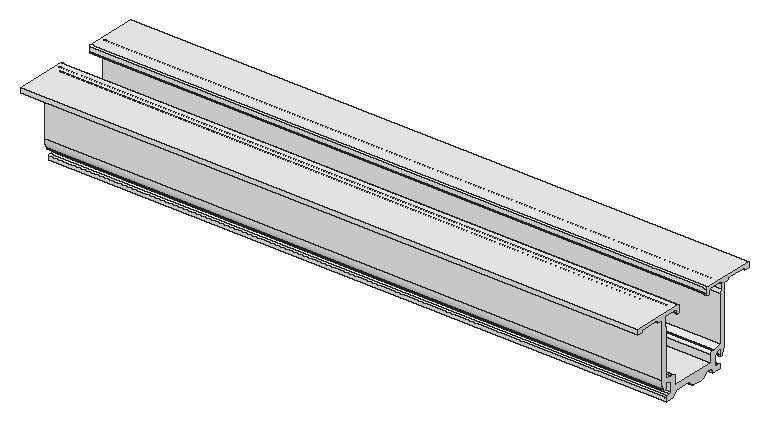
Revit family "ARKOSLIGHT_Track 3L Recessed", category Lighting Fixtures, host Face, Revit 2019
Family settings
  Host = Face
  Round Connector Dimension = Use Diameter
  Part Type = Normal
  Cut with Voids When Loaded = No
  Light Source = No
  Shared = No
  Room Calculation Point = No
Parameters (values of type "A219220XB - TRACK 3L DIM DALI XM RECESSED B")
  URL = "https://www.arkoslight.com/en/product/atrack3ld-es/"
  Model = ARKOSLIGHT_Model  # "ACCESSORIES"
  Manufacturer = "ARKOSLIGHT"  # constant formula
  Length [instance] = 250 mm
  Description = "Select the number and length of profiles suitable for the defined length"
  ARKOSLIGHT_Series = "ACCESORIOS TRACK 3L DIM"
  ARKOSLIGHT_Reference = "A219220XB"
  ARKOSLIGHT_Model = "ACCESSORIES"  # constant formula
  ARKOSLIGHT_Dimming = "Yes"
  ARKOSLIGHT_Color = "White"
  ARKOSLIGHT_Fixture Type = "ACCESSORIES"  # constant formula
  Default Elevation = 0 mm
  Apparent Load = 0 VA  # constant formula
  ARKOSLIGHT_Body Color = ARKOSLIGHT_White
Types (4, lengths in mm): name | URL | ARKOSLIGHT_Series | ARKOSLIGHT_Reference | ARKOSLIGHT_Dimming | ARKOSLIGHT_Color | ARKOSLIGHT_Body Color
  A2821X00B - TRACK 3L XM RECESSED B | "https://www.arkoslight.com/en/product/acctrack3l-es/" | "ACCESORIOS TRACK 3L" | "A2821X00B" | "No" | "White" | ARKOSLIGHT_White
  A2821X00N - TRACK 3L XM RECESSED N | "https://www.arkoslight.com/en/product/acctrack3l-es/" | "ACCESORIOS TRACK 3L" | "A2821X00N" | "No" | "Black" | ARKOSLIGHT_Black
  A219220XB - TRACK 3L DIM DALI XM RECESSED B | "https://www.arkoslight.com/en/product/atrack3ld-es/" | "ACCESORIOS TRACK 3L DIM" | "A219220XB" | "Yes" | "White" | ARKOSLIGHT_White
  A219220XN - TRACK 3L DIM DALI XM RECESSED N | "https://www.arkoslight.com/en/product/atrack3ld-es/" | "ACCESORIOS TRACK 3L DIM" | "A219220XN" | "Yes" | "Black" | ARKOSLIGHT_Black
Reference planes
  plane 1 "Center (Front/Back)": y = 0
  plane 2: z = 0
  plane 3 "Center (Left/Right)": x = 0
  plane 4: x = 125
  plane 5: x = -125
  plane 6: y = 15.7
  plane 7: y = -15.7
  plane 8: z = 2
  plane 9: y = 28
  plane 10: y = -28
Forms (mm)
  Extrusion 1, solid, material "ARKOSLIGHT_White" <- "ARKOSLIGHT_Body Color"
    sketch origin (-125, -221.408, 1185.5) x (0, -1, 0) y (0, 0, -1)
      loop
        line (-237.108, 1185.5) -> (-239.108, 1185.5) -> (-239.108, 1184.6) -> (-247.408, 1184.6) -> (-247.408, 1185.5) -> (-249.408, 1185.5) -> (-249.408, 1183.5) -> (-229.057, 1183.5)
        arc (-229.057, 1183.5) -> (-228.601, 1183.689) -> (-228.413, 1184.145) r 0.645
        line (-228.413, 1184.145) -> (-228.413, 1185.983)
        arc (-228.413, 1185.983) -> (-228.954, 1186.524) -> (-229.495, 1185.983) r 0.541
        line (-229.495, 1185.983) -> (-229.495, 1185.2)
        arc (-229.495, 1185.2) -> (-229.671, 1184.776) -> (-230.095, 1184.6) r 0.6
        line (-230.095, 1184.6) -> (-235.108, 1184.6)
        arc (-235.108, 1184.6) -> (-235.673, 1184.834) -> (-235.908, 1185.4) r 0.8
        line (-235.908, 1185.4) -> (-235.908, 1187.375) -> (-235.408, 1189) -> (-235.408, 1207.097) -> (-232.285, 1207.8) -> (-231.455, 1207.8)
        arc (-231.455, 1207.8) -> (-230.714, 1208.107) -> (-230.408, 1208.848) r 1.048
        line (-230.408, 1208.848) -> (-230.408, 1211.8) -> (-212.408, 1211.8) -> (-212.408, 1208.848)
        arc (-212.408, 1208.848) -> (-212.101, 1208.107) -> (-211.36, 1207.8) r 1.048
        line (-211.36, 1207.8) -> (-210.53, 1207.8) -> (-207.408, 1207.097) -> (-207.408, 1188.937) -> (-206.908, 1187.312) -> (-206.908, 1185.4)
        arc (-206.908, 1185.4) -> (-207.142, 1184.834) -> (-207.708, 1184.6) r 0.8
        line (-207.708, 1184.6) -> (-212.72, 1184.6)
        arc (-212.72, 1184.6) -> (-213.144, 1184.776) -> (-213.32, 1185.2) r 0.6
        line (-213.32, 1185.2) -> (-213.32, 1185.983)
        arc (-213.32, 1185.983) -> (-213.861, 1186.524) -> (-214.402, 1185.983) r 0.541
        line (-214.402, 1185.983) -> (-214.402, 1184.145)
        arc (-214.402, 1184.145) -> (-214.214, 1183.689) -> (-213.758, 1183.5) r 0.645
        line (-213.758, 1183.5) -> (-193.408, 1183.5) -> (-193.408, 1185.5) -> (-195.408, 1185.5) -> (-195.408, 1184.6) -> (-203.708, 1184.6) -> (-203.708, 1185.5) -> (-205.708, 1185.5) -> (-205.708, 1207.42)
        arc (-205.708, 1207.42) -> (-205.986, 1209.454) -> (-206.773, 1211.351) r 8.003
        arc (-206.773, 1211.351) -> (-207.156, 1211.51) -> (-207.408, 1211.181) r 0.34
        line (-207.408, 1211.181) -> (-207.408, 1209) -> (-208.675, 1209) -> (-210.408, 1210) -> (-210.408, 1213.5)
        arc (-210.408, 1213.5) -> (-210.261, 1213.854) -> (-209.908, 1214) r 0.5
        line (-209.908, 1214) -> (-208.455, 1214)
        arc (-208.455, 1214) -> (-208.068, 1214.16) -> (-207.908, 1214.548) r 0.548
        line (-207.908, 1214.548) -> (-207.908, 1216) -> (-211.342, 1216) -> (-212.496, 1214) -> (-219.496, 1214) -> (-220.908, 1215.412)
        arc (-220.908, 1215.412) -> (-221.56, 1215.847) -> (-222.328, 1216) r 2.007
        line (-222.328, 1216) -> (-225.397, 1216)
        arc (-225.397, 1216) -> (-226.249, 1215.831) -> (-226.971, 1215.348) r 2.226
        line (-226.971, 1215.348) -> (-228.319, 1214) -> (-230.319, 1214) -> (-231.473, 1216) -> (-234.908, 1216) -> (-234.908, 1214.548)
        arc (-234.908, 1214.548) -> (-234.747, 1214.16) -> (-234.36, 1214) r 0.548
        line (-234.36, 1214) -> (-232.908, 1214)
        arc (-232.908, 1214) -> (-232.554, 1213.854) -> (-232.408, 1213.5) r 0.5
        line (-232.408, 1213.5) -> (-232.408, 1210) -> (-234.14, 1209) -> (-235.408, 1209) -> (-235.408, 1211.181)
        arc (-235.408, 1211.181) -> (-235.66, 1211.51) -> (-236.042, 1211.351) r 0.34
        arc (-236.042, 1211.351) -> (-236.829, 1209.454) -> (-237.108, 1207.42) r 8.003
        line (-237.108, 1207.42) -> (-237.108, 1185.5)
    from 0 to 250
  Extrusion 2, void
    sketch origin (0, 0, 0) x (1, 0, 0) y (0, 1, 0)
      loop
        line (-125, 15.7) -> (-125, -15.7) -> (125, -15.7) -> (125, 15.7) -> (-125, 15.7)
    from 0 to -35
Dimensions and locks
  "Length": plane 5 to plane 4
  equal spacing: plane 5, plane 3 "Center (Left/Right)", plane 4
  plane 6 to plane 1 "Center (Front/Back)" to plane 7 = 15.7 mm, 15.7 mm
  locked: plane 6 to plane 7 at 31.4
  locked: plane 8 to plane 2 at 2
  equal spacing: plane 9, plane 1 "Center (Front/Back)", plane 10
  locked: plane 9 to plane 10 at 56
  aligned and locked: plane 2 to host face
  aligned and locked: level to host face
  aligned and locked: Extrusion 2 sketch curve to plane 6
  aligned and locked: plane 5 to Extrusion 2 sketch curve
  aligned and locked: Extrusion 2 sketch curve to plane 7
  aligned and locked: plane 4 to Extrusion 2 sketch curve
  aligned and locked: Extrusion 1 to plane 4
Automatic sketch dimensions
  host sketch curve to host sketch curve = 1042.261 mm
  host sketch curve to host sketch curve = 1105.173 mm
  Extrusion 1 sketch curve to plane 8 = 0 mm  (x2)
  Extrusion 1 sketch curve to plane 6 = 0 mm
  Extrusion 1 sketch curve to plane 7 = 0 mm
  Extrusion 1 sketch curve to plane 6 = 2 mm
  plane 8 to Extrusion 1 sketch curve = 1.1 mm  (x2)
  Extrusion 1 sketch curve to Extrusion 1 sketch curve = 8.3 mm  (x2)
  Extrusion 1 sketch curve to Extrusion 1 sketch curve = 2 mm  (x6)
  plane 6 to Extrusion 1 sketch curve = 1.2 mm
  plane 6 to Extrusion 1 sketch curve = 1.36 mm
  plane 6 to Extrusion 1 sketch curve = 1.7 mm  (x2)
  Extrusion 1 sketch curve to Extrusion 1 sketch curve = 0.8 mm  (x2)
  plane 6 to Extrusion 1 sketch curve = 2.2 mm
  Extrusion 1 sketch curve to Extrusion 1 sketch curve = 0.548 mm  (x2)
  Extrusion 1 sketch curve to Extrusion 1 sketch curve = 1.268 mm
  Extrusion 1 sketch curve to Extrusion 1 sketch curve = 1.452 mm  (x3)
  Extrusion 1 sketch curve to Extrusion 1 sketch curve = 1.732 mm  (x2)
  Extrusion 1 sketch curve to Extrusion 1 sketch curve = 0.122 mm
  Extrusion 1 sketch curve to Extrusion 1 sketch curve = 1.434 mm
  Extrusion 1 sketch curve to Extrusion 1 sketch curve = 0.83 mm  (x2)
  Extrusion 1 sketch curve to Extrusion 1 sketch curve = 2.089 mm  (x2)
  plane 8 to Extrusion 1 sketch curve = 1.7 mm
  Extrusion 1 sketch curve to Extrusion 1 sketch curve = 5.012 mm
  Extrusion 1 sketch curve to Extrusion 1 sketch curve = 0.6 mm  (x2)
  Extrusion 1 sketch curve to Extrusion 1 sketch curve = 1.303 mm
  Extrusion 1 sketch curve to Extrusion 1 sketch curve = 1.038 mm
  Extrusion 1 sketch curve to Extrusion 1 sketch curve = 0.541 mm  (x2)
  Extrusion 1 sketch curve to Extrusion 1 sketch curve = 1.348 mm  (x2)
  Extrusion 1 sketch curve to Extrusion 1 sketch curve = 1.574 mm
  plane 1 "Center (Front/Back)" to Extrusion 1 sketch curve = 0.92 mm
  Extrusion 1 sketch curve to plane 1 "Center (Front/Back)" = 0.499 mm
  Extrusion 1 sketch curve to plane 1 "Center (Front/Back)" = 1.911 mm
  Extrusion 1 sketch curve to plane 1 "Center (Front/Back)" = 7.005 mm
  Extrusion 1 sketch curve to Extrusion 1 sketch curve = 0.645 mm
  Extrusion 1 sketch curve to plane 1 "Center (Front/Back)" = 7.697 mm
  Extrusion 1 sketch curve to Extrusion 1 sketch curve = 1.214 mm
  Extrusion 1 sketch curve to Extrusion 1 sketch curve = 0.089 mm
  Extrusion 1 sketch curve to Extrusion 1 sketch curve = 1.048 mm
  Extrusion 1 sketch curve to Extrusion 1 sketch curve = 1.155 mm
  Extrusion 1 sketch curve to Extrusion 1 sketch curve = 0.5 mm
  plane 7 to Extrusion 1 sketch curve = 2 mm
  plane 7 to Extrusion 1 sketch curve = 1.7 mm  (x2)
  Extrusion 1 sketch curve to Extrusion 1 sketch curve = 0.34 mm
  Extrusion 1 sketch curve to plane 7 = 2 mm
  Extrusion 1 sketch curve to Extrusion 1 sketch curve = 0.9 mm  (x3)
  Extrusion 1 sketch curve to Extrusion 1 sketch curve = 1.838 mm
  Extrusion 1 sketch curve to Extrusion 1 sketch curve = 0.783 mm
  Extrusion 1 sketch curve to Extrusion 1 sketch curve = 1.812 mm
  Extrusion 1 sketch curve to Extrusion 1 sketch curve = 1.875 mm
  Extrusion 1 sketch curve to Extrusion 1 sketch curve = 1.625 mm  (x2)
  Extrusion 1 sketch curve to Extrusion 1 sketch curve = 18.097 mm
  Extrusion 1 sketch curve to Extrusion 1 sketch curve = 18.161 mm
  Extrusion 1 sketch curve to Extrusion 1 sketch curve = 0.262 mm  (x2)
  Extrusion 1 sketch curve to Extrusion 1 sketch curve = 0.322 mm  (x2)
  Extrusion 1 sketch curve to Extrusion 1 sketch curve = 0.703 mm  (x2)
  Extrusion 1 sketch curve to Extrusion 1 sketch curve = 1.2 mm
  Extrusion 1 sketch curve to Extrusion 1 sketch curve = 1.903 mm
  Extrusion 1 sketch curve to Extrusion 1 sketch curve = 1.152 mm  (x2)
  Extrusion 1 sketch curve to Extrusion 1 sketch curve = 2.181 mm  (x2)
  Extrusion 1 sketch curve to Extrusion 1 sketch curve = 1.8 mm
  Extrusion 1 sketch curve to Extrusion 1 sketch curve = 1.7 mm  (x2)
  Extrusion 1 sketch curve to Extrusion 1 sketch curve = 1.974 mm
  Extrusion 1 sketch curve to Extrusion 1 sketch curve = 0.219 mm
  Extrusion 1 sketch curve to Extrusion 1 sketch curve = 0.226 mm
  Extrusion 1 sketch curve to Extrusion 1 sketch curve = 0.007 mm
  Extrusion 1 sketch curve to Extrusion 1 sketch curve = 0.1 mm
